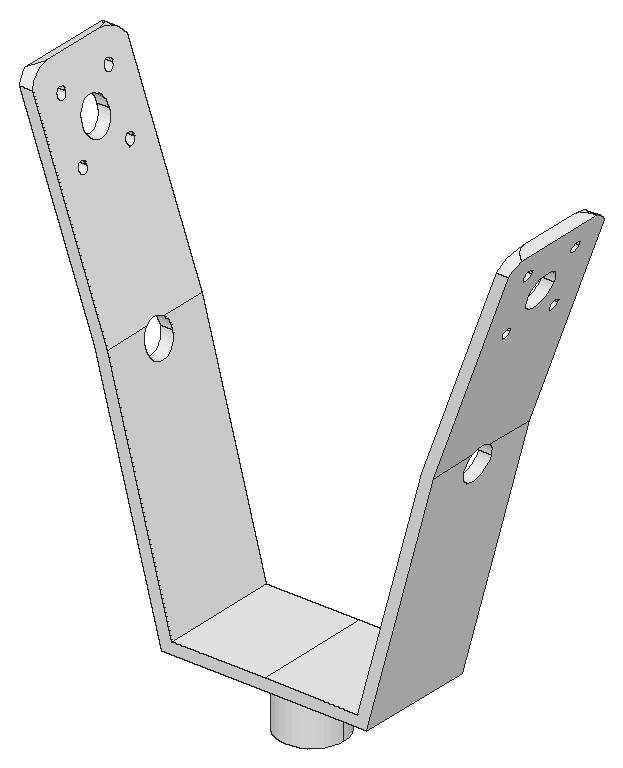
Revit family "QSS+_Подвес V-образный", category Обобщенные модели, Revit 2019
Family settings
  Может служить основой для арматурных стержней = Нет
  Размер круглого соединителя = Использовать диаметр
  Тип детали = Нормальный
  На основе рабочей плоскости = Нет
  Всегда вертикально = Нет
  При загрузке вырезать с полостями = Нет
  Общий = Да
  Точка расчета площади = Нет
Parameters (values of type "QSS")
  Поиск в таблице имен = "QSS_Подвес V-образный"
  d1 [instance] = DN + 1 mm  # 11 mm
  DN [instance] = 10 mm
  ADSK_Наименование [instance] = size_lookup(Поиск в таблице имен, "ADSK_Наименование", "Нет в каталоге", DN)  # "Подвес V-образный М10"
  ADSK_Масса_Текст [instance] = "1,62"
  ADSK_Масса [instance] = 0
  ADSK_Марка = ""
  ADSK_Код изделия [instance] = size_lookup(Поиск в таблице имен, "ADSK_Код изделия", "Решение не найдено", DN)  # "QSS-PVO-240132"
  ADSK_Завод-изготовитель = "Agpipe"  # constant formula
  ADSK_Единица измерения = "шт."  # constant formula
Types (2, lengths in mm): name | ADSK_Масса_Текст
  QSS | "1,62"
  QSS+ | ""
Reference planes
  plane 1 "По центру (Вперед/Назад)": y = 0
  plane 2: z = 0
  plane 3 "По центру (Влево/Вправо)": x = 0
  plane 4: z = 39.777
Forms (mm)
  Extrusion 1, solid, material "Металл"
    sketch origin (0, 0, 0) x (1, 0, 0) y (0, 1, 0)
      loop
        circle (0, 0) r 5
      loop
        circle (0, 0) r 5.5
    from -50 to -40
  Extrusion 2, solid, material "Металл"
    sketch origin (0, 0, 0) x (1, 0, 0) y (0, 0, 1)
      loop
        line (0, -40) -> (17.345, -40) -> (28.69, 2.338) -> (42.067, 39.093) -> (40.188, 39.777) -> (26.561, 2.338) -> (15.753, -38) -> (0, -38) -> (-15.753, -38) -> (-26.561, 2.338) -> (-40.188, 39.777) -> (-42.067, 39.093) -> (-28.69, 2.338) -> (-17.345, -40) -> (0, -40)
    from 10 to -10
  Extrusion 3, void
    sketch origin (0, 0, 0) x (0, 1, 0) y (0, 0, 1)
      loop
        circle (0, 0) r 3
      loop
        line (10, 37.331) -> (17.384, 37.331) -> (17.384, 42.331) -> (9.384, 42.331) -> (-17.384, 42.331) -> (-17.384, 37.331) -> (-10, 37.331)
        arc (-10, 37.331) -> (-7.98, 39.128) -> (-5.355, 39.777) r 5.634
        line (-5.355, 39.777) -> (5.355, 39.777)
        arc (5.355, 39.777) -> (7.98, 39.128) -> (10, 37.331) r 5.634
      loop
        circle (0, 30) r 3
      loop
        circle (-5, 35) r 0.951
      loop
        circle (5, 35) r 0.951
      loop
        circle (-5, 25) r 0.951
      loop
        circle (5, 25) r 0.951
    from -250 to 250
Cuts and joins
  Extrusion 3 cuts Extrusion 2
Dimensions and locks
  "DN": diameter of Extrusion 1 sketch curve
  "d1": diameter of Extrusion 1 sketch curve
  aligned and locked: level to plane 2
  aligned and locked: Extrusion 1 to cut or joined group of Extrusion 2, Extrusion 3
Automatic sketch dimensions
  Extrusion 2 sketch curve to plane 3 "По центру (Влево/Вправо)" = 0 mm  (x2)
  Extrusion 2 sketch curve to plane 3 "По центру (Влево/Вправо)" = 15.753 mm
  Extrusion 2 sketch curve to Extrusion 2 sketch curve = 1.592 mm  (x2)
  level to Extrusion 2 sketch curve = 2.338 mm  (x4)
  Extrusion 2 sketch curve to plane 3 "По центру (Влево/Вправо)" = 26.561 mm
  Extrusion 2 sketch curve to Extrusion 2 sketch curve = 2.128 mm  (x2)
  Extrusion 2 sketch curve to Extrusion 2 sketch curve = 11.498 mm  (x2)
  level to Extrusion 2 sketch curve = 39.093 mm  (x2)
  Extrusion 2 sketch curve to Extrusion 2 sketch curve = 15.753 mm
  plane 3 "По центру (Влево/Вправо)" to Extrusion 2 sketch curve = 26.561 mm
  Extrusion 2 sketch curve to level = 38 mm
  Extrusion 2 sketch curve to Extrusion 2 sketch curve = 2 mm
  Extrusion 1 sketch curve to Extrusion 1 sketch curve = 0 mm  (x2)
  plane 1 "По центру (Вперед/Назад)" to Extrusion 1 sketch curve = 0 mm
  Extrusion 1 sketch curve to plane 3 "По центру (Влево/Вправо)" = 0 mm
  plane 4 to Extrusion 3 sketch curve = 0 mm
  Extrusion 3 sketch curve to plane 1 "По центру (Вперед/Назад)" = 0 mm  (x2)
  Extrusion 3 sketch curve to level = 0 mm
  plane 1 "По центру (Вперед/Назад)" to Extrusion 3 sketch curve = 5 mm
  Extrusion 3 sketch curve to Extrusion 3 sketch curve = 0.355 mm  (x2)
  plane 4 to Extrusion 3 sketch curve = 2.446 mm  (x2)
  Extrusion 3 sketch curve to Extrusion 3 sketch curve = 4.645 mm
  Extrusion 3 sketch curve to plane 4 = 2.554 mm
  Extrusion 3 sketch curve to Extrusion 3 sketch curve = 7.384 mm  (x2)
  Extrusion 3 sketch curve to plane 1 "По центру (Вперед/Назад)" = 5 mm  (x2)
  Extrusion 3 sketch curve to Extrusion 3 sketch curve = 4.029 mm
  Extrusion 3 sketch curve to Extrusion 3 sketch curve = 0.616 mm
  Extrusion 3 sketch curve to Extrusion 3 sketch curve = 9.143 mm  (x2)
  Extrusion 3 sketch curve to Extrusion 3 sketch curve = 4.143 mm
  Extrusion 3 sketch curve to Extrusion 3 sketch curve = 0.857 mm  (x2)
  plane 1 "По центру (Вперед/Назад)" to Extrusion 3 sketch curve = 5.355 mm
  radius of Extrusion 3 sketch curve = 3 mm  (x2)
  radius of Extrusion 3 sketch curve = 0.951 mm  (x4)
